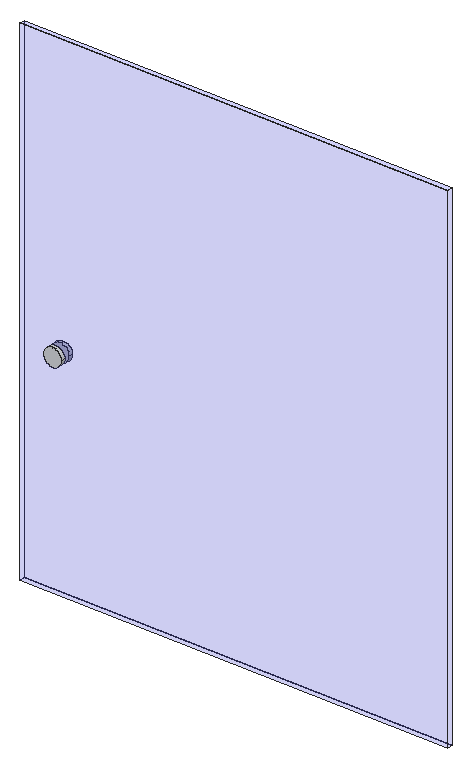
Revit family "Curtain Door_single", category Doors, Revit 2022
Family settings
  OmniClass Number = 23.30.10.00
  OmniClass Title = Doors
  Always vertical = Yes
  Cut with Voids When Loaded = No
  Shared = No
  Room Calculation Point = No
Parameters
  offset = 0' - 0 1/2"
  Width = 6' - 0"
  Thickness = 0' - 1"
  Radius = 0' - 1 1/2"
  Height = 7' - 0"
  H = Height / 2  # 3' - 6"
  Function = Interior
Reference planes (in)
  plane 1 "Center (Front/Back": y = 0
  plane 2: z = 0
  plane 3 "Center (Left/Right)": x = 3.24894
  plane 4 "Left": x = -32.75106
  plane 5 "Right": x = 39.24894
  plane 6 "Top": z = 84
  plane 7 "Offset": y = -0.5
  plane 8: z = 36
  plane 9: x = -26.75106
Forms (in)
  Extrusion 1, solid, material "Glass"
    sketch origin (0, -0.5, 0) x (-1, 0, 0) y (0, 0, 1)
      loop
        line (32.75106, 84) -> (-39.24894, 84) -> (-39.24894, 0) -> (32.75106, 0) -> (32.75106, 84)
    from 0 to 1
  Extrusion 2, solid
    sketch origin (0, 0.5, 0) x (-1, 0, 0) y (0, 0, 1)
      loop
        circle (26.75106, 36) r 1.5
    from 0 to 0.59044
  Extrusion 3, solid
    sketch origin (0, -0.5, 0) x (1, 0, 0) y (0, 0, 1)
      loop
        circle (-26.75106, 36) r 1.5
    from 0 to 0.59044
Lines and regions (in)
  symbolic lines, style "Doors"
    curve 1: line (39.24894, 0.5, 0) -> (39.24894, 72.5, 0)
    curve 2: arc (-32.75106, 0.5, 0) -> (-11.66275, 51.41169, 0) -> (39.24894, 72.5, 0) r 72
Text (in)
  text "Exterior" at (-65.12119, 31.38743, 0), in view "Ref. Level"
Dimensions and locks (in)
  equal spacing: plane 4 "Left", plane 3 "Center (Left/Right)", plane 5 "Right"
  "offset": plane 7 "Offset" to plane 1 "Center (Front/Back"
  "Thickness": Extrusion 1 to plane 7 "Offset"
  "Width": plane 4 "Left" to plane 5 "Right"
  "Height": plane 2 to plane 6 "Top"
  plane 2 to plane 8 = 3' - 0"
  plane 4 "Left" to plane 9 = 0' - 6"
  "Radius": radius of Extrusion 2 sketch curve
  "Radius": radius of Extrusion 3 sketch curve
  aligned and locked: level to plane 2
  aligned and locked: plane 8 to Extrusion 2 sketch curve
  aligned and locked: plane 8 to Extrusion 3 sketch curve
  aligned and locked: plane 9 to Extrusion 2 sketch curve
  aligned and locked: plane 9 to Extrusion 3 sketch curve
Automatic sketch dimensions
  plane 5 "Right" to Extrusion 1 sketch curve = 0' - 0"
  Extrusion 1 sketch curve to level = 0' - 0"
  plane 4 "Left" to Extrusion 1 sketch curve = 0' - 0"
  Extrusion 1 sketch curve to plane 6 "Top" = 0' - 0"
  curve 2 to plane 4 "Left" = 0' - 0"
  curve 2 to plane 5 "Right" = 0' - 0"
  curve 2 to plane 1 "Center (Front/Back" = 0' - 0 1/2"
  curve 1 to curve 2 = 0' - 0"
